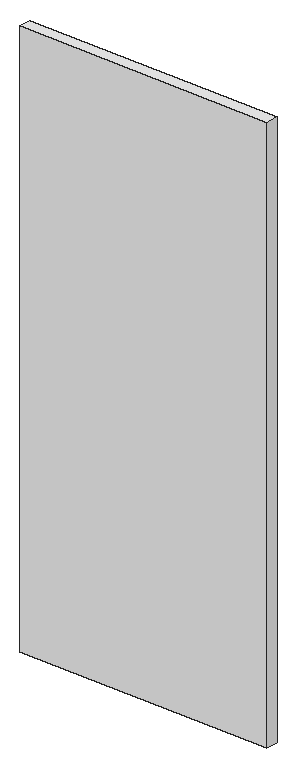
Revit family "kawneer-flushline_novl-sgl_20635", category Doors, Revit 2015
Parameters
  Width = 0.00 mm
  Water - Static (ASTM E 331) = "product not tested"
  URL = "http://www.kawneer.com/kawneer/north_america/en/product.asp?prod_id=1820"
  Type of Glazing = "monolithic, insulating"
  Type Comments = "Foam-filled with Aluminum or FRP Face Sheets"
  Thickness = 0.00 mm
  Thermal Transmittance = "< 0.28 BTU/hr/sf/F"
  Sub Category3 = ""
  Sub Category2 = ""
  Sub Category1 = ""
  Sightline = 0.00 mm
  Short Description = "Foam-filled with Aluminum or FRP Face Sheets"
  Product data url = "https://bimobject.com/kawneerna/product/20635"
  Panel Inserts Material = none
  Overall U-Factor = "product not tested"
  Model = "Flushline®"
  Manufacturer Part Number = "Flushline®"
  Manufacturer = "Kawneer"
  Keywords = "Entrance, Door, Swing Door, FRP Skin Door, Aluminum Skin Door, Foam-filled Door"
  Hurricane Resistant Tested = "product not tested"
  Hinging Types = "Offset Pivot, Butt Hinge, Continuous Gear Hinge"
  Height [instance] = 2133.60 mm
  Glazing Thickness = 0.00 mm
  Glass U-Factor = "product not tested"
  Glass Installtion = "cut outs for vision area, inside or outside"
  Glass Capture = "Captured"
  Function (Interior or Exterior) = "Exterior, Interior"
  Function = Interior
  Door Panel Width = 0.00 mm
  Door Panel Material = none
  Door Panel Height = 0.00 mm
  Door Opening = 0.00 mm
  Door Handle Material = none
  Door Corner Construction = "Welded"
  Design Pressure = "n/a"
  Design Load = "n/a"
  Description = "The \"Flushline\" entrance is a polyurethane foam filled door with FRP or aluminum face sheets designed in various textures for interior or exterior use."
  Depth = 0.00 mm
  Color = "any"
  Cladding Type = "n/a"
  CSI Masterformat Code = "08 41 13"
  Assembly Code = "B2030110"
  Application = "moderate traffic, high traffic, impact areas"
  Air Infiltration (ASTM E 283) = "product not tested"
  2-Color Option = "no"
Reference planes
  plane 1 "Center (Front/Back)": y = 0
  plane 2: z = 0
  plane 3 "Center (Left/Right)": x = -361.877
  plane 4: x = -831.877
  plane 5: x = 108.123
  plane 6 "Top": z = 2133.6
Text (mm)
  text "Exterior" at (-1161.5, 797.241, 0), in view "Ref. Level"
Dimensions and locks
  equal spacing: plane 4, plane 3 "Center (Left/Right)", plane 5
  "Height": plane 2 to plane 6 "Top"
  aligned and locked: plane 4 to nested 1
  aligned and locked: nested 1 to plane 1 "Center (Front/Back)"
  aligned and locked: plane 5 to nested 1
Nested families
  nested 1: "Kawneer-Flushline_NoVL-Sgl" at (-399.977, 0, 0) x (-1, 0, 0) z (0, 0, 1), Height <- "Height", type "Kawneer-Flushline_NoVL-Sgl"
    with Width 940.00 mm, Height 2133.60 mm
Definition of nested family "Kawneer-Flushline_NoVL-Sgl"
  Parameters
    Width [instance] = 812.80 mm
    Height [instance] = 2133.60 mm
    Door Panel Material = none
    Door Handle Width = 50.80 mm
    Door Handle Height = 841.375 mm
    Depth = 44.45 mm
  Reference planes
    plane 1 "Center (Front/Back)": y = 0
    plane 2: z = 0
    plane 3 "Center (Left/Right)": x = -38.1
    plane 4: x = -444.5
    plane 5: x = 368.3
    plane 6: y = -22.225
    plane 7: y = 22.225
    plane 8: z = 2133.6
    plane 9: z = 841.375
    plane 10: x = -393.7
  Forms (mm)
    Extrusion 1, solid, material <- "Door Panel Material"
      sketch origin (0, 0, 0) x (1, 0, 0) y (0, 0, 1)
        loop
          line (-444.5, 2133.6) -> (-444.5, 0) -> (368.3, 0) -> (368.3, 2133.6) -> (-444.5, 2133.6)
      from -22.225 to 22.225
  Dimensions and locks
    equal spacing: plane 6, plane 1 "Center (Front/Back)", plane 7
    "Depth": plane 6 to plane 7
    equal spacing: plane 4, plane 3 "Center (Left/Right)", plane 5
    "Width": plane 4 to plane 5
    "Height": plane 8 to level
    "Door Handle Height": plane 9 to level
    "Door Handle Width": plane 10 to plane 4
    aligned and locked: plane 4 to Extrusion 1 sketch curve
    aligned and locked: Extrusion 1 sketch curve to plane 8
    aligned and locked: plane 2 to Extrusion 1 sketch curve
    aligned and locked: Extrusion 1 sketch curve to plane 5
    aligned and locked: Extrusion 1 to plane 7
    aligned and locked: Extrusion 1 to plane 6
    aligned and locked: plane 9 to nested 1
    aligned and locked: nested 1 to plane 6
    aligned and locked: plane 10 to nested 1
  Nested families
    nested 1: "Style CO 9 Pull" at (-431.734, -22.225, 612.775), type "Style CO 9 Pull"
  Definition of nested family "Style CO 9 Pull"
    Parameters
      Width = 30.00 mm
      Height = 228.60 mm
      Hangle Material = none
      Depth = 30.00 mm
    Reference planes
      plane 1 "Center (Front/Back)": y = 0
      plane 2: z = 0
      plane 3 "Center (Left/Right)": x = 53.034
      plane 4: y = -30
      plane 5: x = 38.034
      plane 6: x = 68.034
      plane 7: x = 46.034
      plane 8 "Top": z = 228.6
      plane 9: x = 60.034
      plane 10: z = 220.6
      plane 11: z = 8
    Forms (mm)
      Sweep 1, solid, material <- "Hangle Material"
        path origin (0, 0, 0) x (1, 0, 0) y (0, 1, 0)
          loop
            line (38.034, 0) -> (38.034, -23)
            arc (38.034, -23) -> (40.085, -27.95) -> (45.034, -30) r 7
            line (45.034, -30) -> (60.034, -30)
        profile origin (38.034, -11.5, 0) x (1, 0, 0) y (0, 0, 1)
          loop
            circle (0, 0) r 5
      Sweep 2, solid, material <- "Hangle Material"
        path origin (0, 0, 228.6) x (-1, 0, 0) y (0, -1, 0)
          loop
            line (-38.034, 0) -> (-38.034, 23)
            arc (-38.034, 23) -> (-40.085, 27.95) -> (-45.034, 30) r 7
            line (-45.034, 30) -> (-60.034, 30)
        profile origin (38.034, -11.5, 228.6) x (1, 0, 0) y (0, 0, 1)
          loop
            circle (0, 0) r 5
      Sweep 3, solid, material <- "Hangle Material"
        path origin (-1540.712, -30, 1200) x (-1, 0, 0) y (0, 0, 1)
          loop
            arc (-1600.747, -1200) -> (-1606.404, -1197.657) -> (-1608.747, -1192) r 8
            line (-1608.747, -1192) -> (-1608.747, -979.4)
            arc (-1608.747, -979.4) -> (-1606.404, -973.743) -> (-1600.747, -971.4) r 8
        profile origin (68.034, -30, 114.3) x (1, 0, 0) y (0, 1, 0)
          loop
            circle (0, 0) r 5
    Cuts and joins
      joined: Sweep 1, Sweep 2, Sweep 3
    Dimensions and locks
      "Depth": plane 4 to plane 1 "Center (Front/Back)"
      equal spacing: plane 5, plane 3 "Center (Left/Right)", plane 6
      locked: plane 5 to plane 7 at 8
      "Width": plane 5 to plane 6
      "Height": plane 8 "Top" to level
      locked: plane 9 to plane 6 at 8
      locked: level to plane 11 at 8
      locked: plane 10 to plane 8 "Top" at 8
      aligned and locked: Sweep 1 sketch curve to plane 5
      aligned and locked: Sweep 1 sketch curve to plane 4
      aligned and locked: plane 1 "Center (Front/Back)" to Sweep 1 sketch curve
      aligned and locked: plane 9 to Sweep 1 sketch curve
      aligned and locked: Sweep 2 sketch curve to plane 5
      aligned and locked: Sweep 2 sketch curve to plane 4
      aligned and locked: plane 1 "Center (Front/Back)" to Sweep 2 sketch curve
      aligned and locked: plane 9 to Sweep 2 sketch curve
      aligned and locked: plane 6 to Sweep 3 sketch curve  (x2)
      aligned and locked: plane 10 to Sweep 3 sketch curve
      aligned and locked: plane 11 to Sweep 3 sketch curve
      aligned and locked: plane 9 to Sweep 3 sketch curve  (x2)
      aligned and locked: plane 8 "Top" to Sweep 3 sketch curve
      aligned and locked: level to Sweep 3 sketch curve
      aligned and locked: plane 4 to Sweep 3 sketch curve
    Automatic sketch dimensions
      Sweep 1 sketch curve to plane 7 = 1.00 mm
      Sweep 1 sketch curve to level = 0.00 mm
      Sweep 1 sketch curve to profile plane = 0.00 mm
      Sweep 2 sketch curve to plane 7 = 1.00 mm
      Sweep 2 sketch curve to plane 8 "Top" = 0.00 mm
      Sweep 2 sketch curve to profile plane = 0.00 mm
      radius of Sweep 1 sketch curve = 5.00 mm
      radius of Sweep 2 sketch curve = 5.00 mm
      radius of Sweep 3 sketch curve = 5.00 mm
